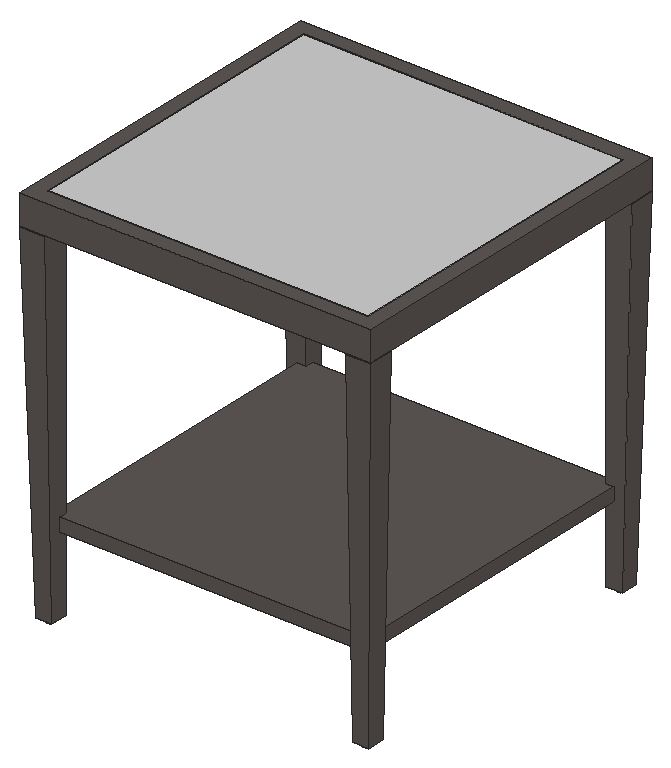
Revit family
Parameters
  URL = "http://www.martinbrattrud.com"
  Table Top [instance] = none
  SCS Certified Product = "Yes"
  Model = "Knightswood 2210-20SH"
  Manufacturer = "Martin Brattrud, Inc."
  Table Wood [instance] = none
  Leg [instance] = none
  Keynote = "125000"
  Copyright = "© 2013 Martin Brattrud, Inc."
  Authoring Version = "Revit Architecture 2010"
  Assembly Code = "E2020200"
Reference planes (in)
  plane 1: z = 0
  plane 2 "Center Left/Right": x = 0
Forms (in)
  Extrusion 1, solid, material <- "Table Top"
    sketch origin (2, -2, 0) x (1, 0, 0) y (0, 1, 0)
      loop
        line (-11.09375, 11.09375) -> (-11.09375, -7.09375) -> (7.09375, -7.09375) -> (7.09375, 11.09375) -> (-11.09375, 11.09375)
    from 21.5 to 22
  Extrusion 2, solid, material <- "Table Wood"
    sketch origin (1.935, -2, 0) x (1, 0, 0) y (0, 1, 0)
      loop
        line (-10.4975, 10.5625) -> (-10.4975, 11.875) -> (-11.81, 11.875) -> (-11.81, 10.5625) -> (-10.4975, 10.5625)
      loop
        line (6.7525, 10.5625) -> (8.065, 10.5625) -> (8.065, 11.875) -> (6.7525, 11.875) -> (6.7525, 10.5625)
      loop
        line (-10.4975, -6.5625) -> (-11.81, -6.5625) -> (-11.81, -7.875) -> (-10.4975, -7.875) -> (-10.4975, -6.5625)
      loop
        line (6.7525, -6.5625) -> (6.7525, -7.875) -> (8.065, -7.875) -> (8.065, -6.5625) -> (6.7525, -6.5625)
    from 20.25 to 20.3125
  Blend 3, solid, material <- "Table Wood"
    base sketch origin (-9.2525, 0.03258, 0) x (0, 1, 0) y (-1, 0, 0)
      loop
        line (-8.59508, 0.7475) -> (-10.03258, 0.7475) -> (-10.03258, -0.69) -> (-8.59508, -0.69) -> (-8.59508, 0.7475)
    top sketch origin (-9.2525, 0.03258, 0) x (0, 1, 0) y (-1, 0, 0)
      loop
        line (-8.59508, 0.2475) -> (-9.53258, 0.2475) -> (-9.53258, -0.69) -> (-8.59508, -0.69) -> (-8.59508, 0.2475)
    from 20.25 to 0.25
  Revolve 4, solid
    sketch origin (-9.03125, -9.03125, 0) x (0, -1, 0) y (0, 0, 1)
      loop
        line (0, 0.25) -> (0, 0) -> (0.125, 0)
        arc (0.125, 0) -> (0.21339, 0.03661) -> (0.25, 0.125) r 0.125
        line (0.25, 0.125) -> (0.25, 0.25) -> (0, 0.25)
      axis (0, 0.25) -> (0, 0)
    angle from 0 to 360
  Extrusion 5, solid, material <- "Table Wood"
    sketch origin (2, -2, 0) x (1, 0, 0) y (0, 1, 0)
      loop
        line (-11, 11) -> (-11, -7) -> (7, -7) -> (7, 11) -> (-11, 11)
    from 4.75 to 5.5
  Blend 6, solid, material <- "Table Wood"
    base sketch origin (-9.2525, -0.03258, 0) x (0, -1, 0) y (1, 0, 0)
      loop
        line (-8.59508, -0.7475) -> (-8.59508, 0.69) -> (-10.03258, 0.69) -> (-10.03258, -0.7475) -> (-8.59508, -0.7475)
    top sketch origin (-9.2525, -0.03258, 0) x (0, -1, 0) y (1, 0, 0)
      loop
        line (-8.59508, -0.2475) -> (-8.59508, 0.69) -> (-9.53258, 0.69) -> (-9.53258, -0.2475) -> (-8.59508, -0.2475)
    from 20.25 to 0.25
  Blend 7, solid, material <- "Table Wood"
    base sketch origin (9.2525, 0.03258, 0) x (0, 1, 0) y (-1, 0, 0)
      loop
        line (-8.59508, -0.7475) -> (-8.59508, 0.69) -> (-10.03258, 0.69) -> (-10.03258, -0.7475) -> (-8.59508, -0.7475)
    top sketch origin (9.2525, 0.03258, 0) x (0, 1, 0) y (-1, 0, 0)
      loop
        line (-8.59508, -0.2475) -> (-8.59508, 0.69) -> (-9.53258, 0.69) -> (-9.53258, -0.2475) -> (-8.59508, -0.2475)
    from 20.25 to 0.25
  Blend 8, solid, material <- "Table Wood"
    base sketch origin (9.2525, -0.03258, 0) x (0, -1, 0) y (1, 0, 0)
      loop
        line (-8.59508, 0.7475) -> (-10.03258, 0.7475) -> (-10.03258, -0.69) -> (-8.59508, -0.69) -> (-8.59508, 0.7475)
    top sketch origin (9.2525, -0.03258, 0) x (0, -1, 0) y (1, 0, 0)
      loop
        line (-8.59508, 0.2475) -> (-9.53258, 0.2475) -> (-9.53258, -0.69) -> (-8.59508, -0.69) -> (-8.59508, 0.2475)
    from 20.25 to 0.25
  Sweep 9, solid, material <- "Table Wood"
    path origin (2, -2, 0) x (1, 0, 0) y (0, 1, 0)
      loop
        line (-12, 12) -> (-12, -8) -> (8, -8) -> (8, 12) -> (-12, 12)
    profile origin (-10, 0, 0) x (1, 0, 0) y (0, 0, 1)
      loop
        line (0, 22) -> (0, 20.3125) -> (1.375, 20.3125) -> (1.375, 21.5) -> (0.875, 21.5) -> (0.875, 22) -> (0, 22)
  Revolve 10, solid
    sketch origin (9.03125, -9.03125, 0) x (0, -1, 0) y (0, 0, 1)
      loop
        line (0, 0.25) -> (0, 0) -> (0.125, 0)
        arc (0.125, 0) -> (0.21339, 0.03661) -> (0.25, 0.125) r 0.125
        line (0.25, 0.125) -> (0.25, 0.25) -> (0, 0.25)
      axis (0, 0.25) -> (0, 0)
    angle from 0 to 360
  Revolve 11, solid
    sketch origin (-9.03125, 9.03125, 0) x (0, 1, 0) y (0, 0, 1)
      loop
        line (0, 0.25) -> (0, 0) -> (0.125, 0)
        arc (0.125, 0) -> (0.21339, 0.03661) -> (0.25, 0.125) r 0.125
        line (0.25, 0.125) -> (0.25, 0.25) -> (0, 0.25)
      axis (0, 0.25) -> (0, 0)
    angle from 0 to 360
  Revolve 12, solid
    sketch origin (9.03125, 9.03125, 0) x (0, 1, 0) y (0, 0, -1)
      loop
        line (0, -0.25) -> (0.25, -0.25) -> (0.25, -0.125)
        arc (0.25, -0.125) -> (0.21339, -0.03661) -> (0.125, 0) r 0.125
        line (0.125, 0) -> (0, 0) -> (0, -0.25)
      axis (0, -0.25) -> (0, 0)
    angle from 0 to 360
